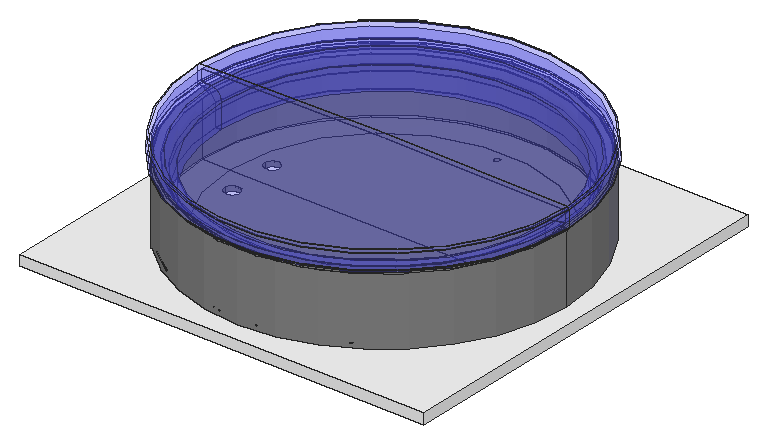
Revit family "BE_33639_de_DE", category Leuchten, Revit 2020
Family settings
  Basisbauteil = Fläche
  Bemaßung runder Anschluss = Durchmesser verwenden
  Teiletyp = Normal
  Beim Laden mit Abzugskörper schneiden = Ja
  Lichtquelle = Ja
  Gemeinsam genutzt = Nein
  Raumberechnungspunkt = Ja
Parameters (values of type "BEGA_33639_Grafit_K3")
  built-in parameter 1150104 = 10.465 (stored number, unit not read)
  Wattage = 34.8 W
  Default Elevation = 0 mm
  built-in parameter 1150113 = 1 (stored number, unit not read)
  built-in parameter 1114218 = 1 (stored number, unit not read)
  Umgebungstemperatur = "25 °C"
  URL = "https://www.bega.com/de/produkt/33639"
  Typenkommentare = "© 2022 BEGA. Wir behalten uns das Recht vor, technische Änderungen ohne vorherige Ankündigung vorzunehmen."  # constant formula
  Type Image = 33639.png
  built-in parameter 1150134 = (empty or 0)
  built-in parameter 1150109 = 1 (stored number, unit not read)
  Strom = ""
  built-in parameter 1150110 = 1 (stored number, unit not read)
  Spannung = 239.996 V
  Sonderanfertigung = no
  Sockeltyp = ""
  Seriennummer [instance] = "Hier können Sie die eindeutige Seriennummer für das Facility Management eintragen."
  Schutzklasse = "I"
  Schutzart = "IP 64"
  Scheinlast = 0 VA
  Produktdatenblatt = "https://cdn.bega.com/bega/products/33639K3/current/documents/data-sheets/de"
  Oberflächentemperatur = ""
  Neigungswinkel = 0.00°
  Modell = "33639K3"
  Material_11 = BEGA_Glas_opal
  Material_02 = BEGA_Oberfläche_Silber_matt
  Material_01 [instance] = BEGA_Oberfläche_Grafit_matt
  M_W = no
  M_G = yes
  M_A = no
  Logo = 0
  built-in parameter 1114217 = 1 (stored number, unit not read)
  built-in parameter 1150139 = (empty or 0)
  built-in parameter 1150105 = 311.93 (stored number, unit not read)
  built-in parameter 1150114 = 1 (stored number, unit not read)
  Lumens = 3919.87 lm
  built-in parameter 1150115 = 1 (stored number, unit not read)
  Leuchtenlichtstrom = "2203 lm"
  Leuchtenanzahl = ""
  Lebensdauerkriterien = "L70B50 @ 25 °C = 155000 h"
  Lastklassifizierung = Beleuchtung
  built-in parameter 1150112 = 1 (stored number, unit not read)
  Lampenlichtstrom = "3855 lm"
  Lampe = "LED 22.2 W"
  LED_Modulbezeichnung = "LED-0531/830"
  built-in parameter 1150142 = (empty or 0)
  Hersteller = "BEGA"  # constant formula
  Halbstreuwinkel = ""
  Gewicht = "3.7 kg"
  Gebrauchslageneinschränkung [instance] = ""
  Frequenz = "0/50-60 Hz"
  Farbwiedergabeindex = "CRI > 80"
  Farbtemperaturverschiebung bei Dämpfen der Lampe = <Keine Auswahl>
  Farbtemperatur = "3000 K"
  Color Filter = 16777215
  built-in parameter 1150133 = 10 (stored number, unit not read)
  Energieeffizienzklasse = "LED A++ - A"
  built-in parameter 1150137 = (empty or 0)
  built-in parameter 1150132 = (empty or 0)
  ENEC = "ja"
  Dimmbar [instance] = "DALI"
  Datei für fotometrisches Netz = "BE_33639K3.IES"
  CE_Konformität = "ja"
  Bestellnummer = "33639K3"
  Beschreibung_Sonderanfertigung = "Hier können Sie Informationen zur Sonderanfertigung eintragen."
  Beschreibung = "Decken- und Wandleuchte"
  built-in parameter 1150106 = 3.1193 (stored number, unit not read)
  Befestigungsbohrung = "Ø 5,5 mm"
  Befestigungsabstand = "280 mm"
  BEGA_Intern_aus = yes
  BEGA_Intern_an = yes
  BEGA_Intern_Konstruktion = yes
  BEGA_Intern = yes
  BEGA_IES = yes
  BEGA_Dummy = no
  Anschlussleistung [instance] = "25 W"
  built-in parameter 1150107 = 3000 (stored number, unit not read)
  built-in parameter 1150102 = (empty or 0)
  built-in parameter 1150138 = (empty or 0)
  Aktualisierung = "2022-05-18T04:00:07"
  AC/DC = "AC/DC"
Types (4, lengths in mm): name | built-in parameter 1150104 | built-in parameter 1150134 | Modell | M_G | M_A | built-in parameter 1150105 | Lumens | Leuchtenlichtstrom | Lampenlichtstrom | LED_Modulbezeichnung | Farbtemperatur | Datei für fotometrisches Netz | Bestellnummer | built-in parameter 1150106 | built-in parameter 1150107
  BEGA_33639_Grafit_K3 | 10.465 (stored number, unit not read) | (empty or 0) | "33639K3" | yes | no | 311.93 (stored number, unit not read) | 3919.87 lm | "2203 lm" | "3855 lm" | "LED-0531/830" | "3000 K" | "BE_33639K3.IES" | "33639K3" | 3.1193 (stored number, unit not read) | 3000 (stored number, unit not read)
  BEGA_33639_Grafit_K4 | 11.052 (stored number, unit not read) | 12 | "33639K4" | yes | no | 329.44 (stored number, unit not read) | 4139.81 lm | "2317 lm" | "4055 lm" | "LED-0531/840" | "4000 K" | "BE_33639K4.IES" | "33639K4" | 3.2944 (stored number, unit not read) | 4000 (stored number, unit not read)
  BEGA_33639_Silber_K4 | 11.052 (stored number, unit not read) | (empty or 0) | "33639AK4" | no | yes | 329.44 (stored number, unit not read) | 4139.81 lm | "2317 lm" | "4055 lm" | "LED-0531/840" | "4000 K" | "BE_33639K4.IES" | "33639AK4" | 3.2944 (stored number, unit not read) | 3000 (stored number, unit not read)
  BEGA_33639_Silber_K3 | 10.465 (stored number, unit not read) | (empty or 0) | "33639AK3" | no | yes | 311.93 (stored number, unit not read) | 3919.87 lm | "2203 lm" | "3855 lm" | "LED-0531/830" | "3000 K" | "BE_33639K3.IES" | "33639AK3" | 3.1193 (stored number, unit not read) | 3000 (stored number, unit not read)
Reference planes
  plane 1 "Mitte (Vorne/Hinten)": y = 0
  plane 2: z = 0
  plane 3 "Mitte (Links/Rechts)": x = 0
  plane 4 "Links": x = -184.117
  plane 5 "Rechts": x = 184.117
  plane 6 "Unten": y = -53.441
  plane 7 "Oben": y = 41.559
  plane 8 "Vorne": z = 90.236
Forms (mm)
  Extrusion 1, solid, material "BEGA_Platte_Weiss"
    sketch origin (0, -1119.2, 0) x (1, 0, 0) y (0, 1, 0)
      loop
        line (-200, 1319.2) -> (-200, 919.2) -> (200, 919.2) -> (200, 1319.2) -> (-200, 1319.2)
    from 0 to -10
  Extrusion 2, solid, material "BEGA_Dummy_matt", visible <- "BEGA_Dummy"
    sketch origin (77.149, -76.023, 0) x (1, 0, 0) y (0, 1, 0)
      loop
        circle (-77.149, 76.023) r 184.117
    from 0 to 90.236
Dimensions and locks
  plane 1 "Mitte (Vorne/Hinten)" to Extrusion 1 = 200 mm
  aligned and locked: plane 2 to Extrusion 1
  aligned and locked: level to Extrusion 1
Nested families
  nested 1: "BE_33639" at (0, 0, 0), type "BE_33639"
Connectors
  electrical at (0, 0, 0), driven by "Lastklassifizierung", driven by "Spannung", driven by "Scheinlast"
    settings: index 1, voltage 239.996 V, apparent load 0 VA, apparent load phase1 0 VA, apparent load phase2 0 VA, apparent load phase3 0 VA, power factor 1, load classification "Beleuchtung", number of poles 1, system type 31, power factor state 1, is connector primary yes, connector utility no, sub classification motor no, connector description ""
Definition of nested family "BE_33639"
  Parameters (values of type "BE_33639")
    Default Elevation = 1 mm
    URL = "http://www.bega.de/de/produkt"
    Type Comments = "© 2015 BEGA. Wir behalten uns das Recht vor, technische Änderungen ohne vorherige Ankündigung vorzunehmen. "  # constant formula
    Type Image = (empty or 0)
    Material_17 = none
    Material_15 = none
    Material_11 = none
    Material_09 = none
    Material_06 = none
    Material_02 = none
    Material_01 = none
    M_W = yes
    M_G = yes
    M_A = yes
    Länge_Platte = 200 mm  # constant formula
    Höhe_Platte = -10 mm  # constant formula
    Manufacturer = "BEGA"  # constant formula
    Breite_Platte = 200 mm  # constant formula
  Reference planes
    plane 1 "Mitte (Oben/Unten)": y = 0
    plane 2: z = 0
    plane 3 "Mitte (Links/Rechts)": x = 0
    plane 4 "Vorne": z = 90.236
    plane 5: x = 184.117
    plane 6: y = 184.059
    plane 7: y = -184.059
    plane 8: x = -184.117
  Forms (mm)
    Extrusion 1, solid, detail levels medium
      sketch origin (0, 0, 0) x (1, 0, 0) y (0, 1, 0)
        loop
          line (-100, 100) -> (-100, -100) -> (100, -100) -> (100, 100) -> (-100, 100)
      from 0 to -10 <- "Höhe_Platte"
    Revolve 2, solid, material <- "Material_01", visible <- "M_G", detail levels medium+fine
      sketch origin (0, 0, 2.5) x (1, 0, 0) y (0, 0, 1)
        loop
          arc (-179.492, 65.999) -> (-180.419, 65.59) -> (-180.8, 64.65) r 1.35
          line (-180.8, 64.65) -> (-180.8, -2.5) -> (0, -2.5) -> (0, 2) -> (-152.389, 2) -> (-178.6, 2)
          arc (-178.6, 2) -> (-179.307, 2.293) -> (-179.6, 3) r 1
          line (-179.6, 3) -> (-179.6, 64.938) -> (-173.688, 60.799) -> (-173, 61.782) -> (-178.678, 65.757)
          arc (-178.678, 65.757) -> (-179.065, 65.944) -> (-179.492, 65.999) r 1.35
        axis (0, -2.5) -> (0, 65.999)
      angle from 0 to 360
    Revolve 3, solid, material <- "Material_11", detail levels medium+fine
      sketch origin (0, 0, 2.5) x (1, 0, 0) y (0, 0, 1)
        loop
          line (-172.326, 65.673) -> (-166, 55.905) -> (-166, 49.571) -> (-166, 34.2) -> (-160, 34.2) -> (-160, 58.528)
          arc (-160, 58.528) -> (-162.89, 65.959) -> (-170.041, 69.488) r 11
          line (-170.041, 69.488) -> (-179.935, 70.354) -> (-179.543, 81.578)
          arc (-179.543, 81.578) -> (-89.777, 82.979) -> (-0.001, 83.499) r 9145.056
          line (-0.001, 83.499) -> (-0.001, 87.701)
          arc (-0.001, 87.701) -> (-90.76, 87.17) -> (-181.51, 85.739) r 9149.258
          arc (-181.51, 85.739) -> (-182.873, 85.164) -> (-183.468, 83.81) r 2
          line (-183.468, 83.81) -> (-183.999, 68.599)
          arc (-183.999, 68.599) -> (-183.5, 67.204) -> (-182.177, 66.535) r 2
          line (-182.177, 66.535) -> (-172.326, 65.673)
        axis (-0.001, 87.701) -> (-0.001, 34.2)
      angle from 0 to 360
    Extrusion 4, void
      sketch origin (0, 0, 0) x (1, 0, 0) y (0, 1, 0)
        loop
          circle (0, -140) r 2.75
        loop
          circle (0, 140) r 2.75
        loop
          circle (-130, 25) r 7.5
        loop
          circle (-130, -25) r 7.5
      from 0 to 9.122
    Extrusion 5, void
      sketch origin (0, 0, 0) x (1, 0, 0) y (0, 1, 0)
        loop
          circle (0, -140) r 2.75
        loop
          circle (0, 140) r 2.75
        loop
          circle (-130, 25) r 7.5
        loop
          circle (-130, -25) r 7.5
      from 0 to 9.122
    Revolve 6, solid, material <- "Material_02", visible <- "M_A", detail levels medium+fine
      sketch origin (0, 0, 2.5) x (1, 0, 0) y (0, 0, 1)
        loop
          arc (-179.492, 65.999) -> (-180.419, 65.59) -> (-180.8, 64.65) r 1.35
          line (-180.8, 64.65) -> (-180.8, -2.5) -> (0, -2.5) -> (0, 2) -> (-152.389, 2) -> (-178.6, 2)
          arc (-178.6, 2) -> (-179.307, 2.293) -> (-179.6, 3) r 1
          line (-179.6, 3) -> (-179.6, 64.938) -> (-173.688, 60.799) -> (-173, 61.782) -> (-178.678, 65.757)
          arc (-178.678, 65.757) -> (-179.065, 65.944) -> (-179.492, 65.999) r 1.35
        axis (0, -2.5) -> (0, 65.999)
      angle from 0 to 360
  Cuts and joins
    Extrusion 4, Extrusion 5 cuts Revolve 2
    Extrusion 4 cuts Revolve 3
  Dimensions and locks
    equal spacing: Extrusion 1 sketch curve, plane 3 "Mitte (Links/Rechts)", Extrusion 1 sketch curve
    equal spacing: Extrusion 1 sketch curve, plane 1 "Mitte (Oben/Unten)", Extrusion 1 sketch curve
    "Länge_Platte": Extrusion 1 sketch curve to Extrusion 1 sketch curve
    "Breite_Platte": Extrusion 1 sketch curve to Extrusion 1 sketch curve
    aligned and locked: plane 2 to Extrusion 1
    aligned and locked: level to Extrusion 1
  Automatic sketch dimensions
    Revolve 3 sketch curve to Revolve 3 sketch curve = 1.822 mm
    Revolve 3 sketch curve to Revolve 3 sketch curve = 0.177 mm
    Revolve 3 sketch curve to Revolve 3 sketch curve = 0.531 mm
    Revolve 3 sketch curve to Revolve 3 sketch curve = 2.065 mm
    Revolve 3 sketch curve to Revolve 3 sketch curve = 1.926 mm
    Revolve 3 sketch curve to Revolve 3 sketch curve = 7.609 mm
    Revolve 3 sketch curve to Revolve 3 sketch curve = 1.326 mm
    Revolve 3 sketch curve to Revolve 3 sketch curve = 5 mm
    Revolve 3 sketch curve to Revolve 3 sketch curve = 6 mm
    Revolve 3 sketch curve to plane 3 "Mitte (Links/Rechts)" = 0.001 mm
    plane 3 "Mitte (Links/Rechts)" to Revolve 3 sketch curve = 8.061 mm
    Revolve 3 sketch curve to Revolve 3 sketch curve = 0 mm  (x7)
    Revolve 3 sketch curve to Revolve 3 sketch curve = 0.001 mm
    level to Revolve 3 sketch curve = 36.7 mm
    Revolve 3 sketch curve to Revolve 3 sketch curve = 15.371 mm
    Revolve 3 sketch curve to Revolve 3 sketch curve = 6.333 mm
    Revolve 3 sketch curve to Revolve 3 sketch curve = 2.623 mm
    Revolve 3 sketch curve to Revolve 3 sketch curve = 7.145 mm
    Revolve 3 sketch curve to Revolve 3 sketch curve = 0.862 mm
    Revolve 3 sketch curve to Revolve 3 sketch curve = 1.992 mm
    Revolve 3 sketch curve to Revolve 3 sketch curve = 1.827 mm
    Revolve 3 sketch curve to Revolve 3 sketch curve = 11.224 mm
    Revolve 3 sketch curve to Revolve 3 sketch curve = 2.162 mm
    Revolve 3 sketch curve to Revolve 3 sketch curve = 4.201 mm
    Revolve 3 sketch curve to Revolve 3 sketch curve = 1.999 mm
    Revolve 3 sketch curve to Revolve 3 sketch curve = 0.041 mm
    Revolve 3 sketch curve to Revolve 3 sketch curve = 2.284 mm
    Revolve 3 sketch curve to Revolve 3 sketch curve = 0.002 mm
    Revolve 3 sketch curve to Revolve 3 sketch curve = 10.799 mm
    Revolve 3 sketch curve to Revolve 3 sketch curve = 0.07 mm
    Extrusion 4 sketch curve to plane 3 "Mitte (Links/Rechts)" = 0 mm  (x2)
    plane 1 "Mitte (Oben/Unten)" to Extrusion 4 sketch curve = 25 mm
    Extrusion 4 sketch curve to Extrusion 4 sketch curve = 0 mm
    Extrusion 4 sketch curve to plane 1 "Mitte (Oben/Unten)" = 25 mm
    Extrusion 5 sketch curve to plane 3 "Mitte (Links/Rechts)" = 0 mm  (x2)
    plane 1 "Mitte (Oben/Unten)" to Extrusion 5 sketch curve = 25 mm
    Extrusion 5 sketch curve to Extrusion 5 sketch curve = 0 mm
    Extrusion 5 sketch curve to plane 1 "Mitte (Oben/Unten)" = 25 mm
    Revolve 2 sketch curve to level = 0 mm
    Revolve 2 sketch curve to plane 3 "Mitte (Links/Rechts)" = 0 mm  (x2)
    level to Revolve 2 sketch curve = 4.5 mm
    Revolve 2 sketch curve to Revolve 2 sketch curve = 0.688 mm
    Revolve 2 sketch curve to Revolve 2 sketch curve = 5.678 mm
    Revolve 2 sketch curve to Revolve 2 sketch curve = 0.772 mm
    Revolve 2 sketch curve to Revolve 2 sketch curve = 0 mm  (x3)
    Revolve 2 sketch curve to Revolve 2 sketch curve = 0.15 mm
    Revolve 2 sketch curve to Revolve 2 sketch curve = 2.2 mm
    Revolve 2 sketch curve to Revolve 2 sketch curve = 57.799 mm
    Revolve 2 sketch curve to Revolve 2 sketch curve = 0.983 mm
    Revolve 2 sketch curve to Revolve 2 sketch curve = 3.851 mm
    Revolve 2 sketch curve to Revolve 2 sketch curve = 0.288 mm  (x2)
    Revolve 2 sketch curve to Revolve 2 sketch curve = 0.819 mm
    Revolve 2 sketch curve to Revolve 2 sketch curve = 0.814 mm
    Revolve 2 sketch curve to Revolve 2 sketch curve = 2.154 mm
    Revolve 2 sketch curve to Revolve 2 sketch curve = 3.288 mm
    Revolve 6 sketch curve to level = 0 mm
    Revolve 6 sketch curve to plane 3 "Mitte (Links/Rechts)" = 0 mm  (x2)
    level to Revolve 6 sketch curve = 4.5 mm
    Revolve 6 sketch curve to Revolve 6 sketch curve = 0.688 mm
    Revolve 6 sketch curve to Revolve 6 sketch curve = 5.678 mm
    Revolve 6 sketch curve to Revolve 6 sketch curve = 0.772 mm
    Revolve 6 sketch curve to Revolve 6 sketch curve = 0 mm  (x3)
    Revolve 6 sketch curve to Revolve 6 sketch curve = 0.15 mm
    Revolve 6 sketch curve to Revolve 6 sketch curve = 2.2 mm
    Revolve 6 sketch curve to Revolve 6 sketch curve = 57.799 mm
    Revolve 6 sketch curve to Revolve 6 sketch curve = 0.983 mm
    Revolve 6 sketch curve to Revolve 6 sketch curve = 3.851 mm
    Revolve 6 sketch curve to Revolve 6 sketch curve = 0.288 mm  (x2)
    Revolve 6 sketch curve to Revolve 6 sketch curve = 0.819 mm
    Revolve 6 sketch curve to Revolve 6 sketch curve = 0.814 mm
    Revolve 6 sketch curve to Revolve 6 sketch curve = 2.154 mm
    Revolve 6 sketch curve to Revolve 6 sketch curve = 3.288 mm
    Extrusion 4 sketch curve to plane 1 "Mitte (Oben/Unten)" = 140 mm
    Extrusion 5 sketch curve to plane 1 "Mitte (Oben/Unten)" = 140 mm
    plane 1 "Mitte (Oben/Unten)" to Extrusion 4 sketch curve = 140 mm
    plane 1 "Mitte (Oben/Unten)" to Extrusion 5 sketch curve = 140 mm
    Revolve 2 sketch curve to Revolve 2 sketch curve = 152.389 mm
    level to Revolve 2 sketch curve = 64.282 mm
    Revolve 2 sketch curve to Revolve 2 sketch curve = 20.611 mm
    Revolve 3 sketch curve to plane 3 "Mitte (Links/Rechts)" = 160 mm
    Extrusion 4 sketch curve to plane 3 "Mitte (Links/Rechts)" = 130 mm
    Extrusion 5 sketch curve to plane 3 "Mitte (Links/Rechts)" = 130 mm
    Revolve 6 sketch curve to Revolve 6 sketch curve = 152.389 mm
    level to Revolve 6 sketch curve = 64.282 mm
    Revolve 6 sketch curve to Revolve 6 sketch curve = 20.611 mm
    Revolve 3 sketch curve to level = 9059.053 mm
    radius of Extrusion 4 sketch curve = 2.75 mm  (x2)
    radius of Extrusion 4 sketch curve = 7.5 mm  (x2)
    radius of Extrusion 5 sketch curve = 2.75 mm  (x2)
    radius of Extrusion 5 sketch curve = 7.5 mm  (x2)
